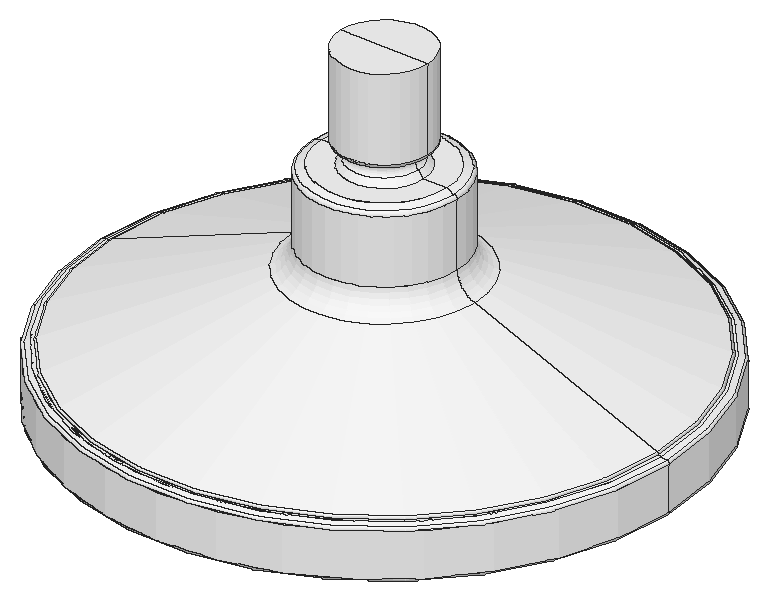
Revit family "S-5000_SPEAKMAN-NEO_SHOWER HEAD", category Generic Models, Revit 2023
Family settings
  Can host rebar = No
  Round Connector Dimension = Use Diameter
  Part Type = Normal
  Work Plane-Based = No
  Always vertical = Yes
  Cut with Voids When Loaded = No
  Maintain Annotation Orientation = No
  Shared = No
  Room Calculation Point = No
Parameters
  S-5000 = MATERIAL_S-5000
  Default Elevation = 0' - 0"
Reference planes (in)
  plane 1 "Center (Front/Back)": y = 0
  plane 2: z = 0
  plane 3 "Center (Left/Right)": x = 0
  plane 4: z = -3.4375
  plane 5: z = -1.125
  plane 6: x = 3.0625
  plane 7: x = -3.0625
  plane 8: x = -2.1875
  plane 9: x = 2.1875
  plane 10: x = -0.46875
  plane 11: x = 0.46875
  plane 12: z = -2.875
  plane 13: z = -1.875
  plane 14: x = -0.78125
  plane 15: x = 0.78125
  plane 16: z = -0.875
  plane 17: y = -0.78125
  plane 18: y = -0.46875
  plane 19: y = -3.0625
  plane 20: y = 0.78125
  plane 21: y = 0.46875
  plane 22: y = 3.0625
  plane 23: y = 2.1875
  plane 24: y = -2.1875
  plane 25: z = -3.662
Forms (in)
  Revolve 1, solid, material "MATERIAL_S-5000" <- "S-5000"
    sketch origin (0, 0, 0) x (1, 0, 0) y (0, 0, 1)
      loop
        arc (-3.0625, -3.41111) -> (-3.05477, -3.42977) -> (-3.03611, -3.4375) r 0.02639
        line (-3.03611, -3.4375) -> (-2.9375, -3.4375)
        arc (-2.9375, -3.4375) -> (-2.56767, -3.34396) -> (-2.1875, -3.3125) r 2.3125
        line (-2.1875, -3.3125) -> (-2.1875, -3.28154) -> (-2.15355, -3.28154) -> (-2.15355, -3.3125) -> (-0.75, -3.3125) -> (-0.75, -3.1875) -> (-0.5, -3.1875) -> (-0.5, -3.3125) -> (0, -3.3125) -> (0, 0) -> (-0.46875, 0) -> (-0.46875, -0.875)
        arc (-0.46875, -0.875) -> (-0.4626, -0.89136) -> (-0.45119, -0.9046) r 0.04999
        line (-0.45119, -0.9046) -> (-0.38783, -0.92875)
        arc (-0.38783, -0.92875) -> (-0.33886, -0.98662) -> (-0.36172, -1.0589) r 0.07844
        arc (-0.36172, -1.0589) -> (-0.39202, -1.09058) -> (-0.41918, -1.125) r 0.46165
        line (-0.41918, -1.125) -> (-0.66918, -1.125) -> (-0.75131, -1.15653)
        arc (-0.75131, -1.15653) -> (-0.77265, -1.17308) -> (-0.78125, -1.19868) r 0.04669
        line (-0.78125, -1.19868) -> (-0.78125, -1.875)
        arc (-0.78125, -1.875) -> (-0.8389, -2.02707) -> (-0.96875, -2.125) r 0.29309
        line (-0.96875, -2.125) -> (-2.93142, -2.875)
        arc (-2.93142, -2.875) -> (-2.94448, -2.88323) -> (-2.94821, -2.89822) r 0.02069
        line (-2.94821, -2.89822) -> (-2.98448, -2.89822) -> (-3.03646, -2.91858)
        arc (-3.03646, -2.91858) -> (-3.05505, -2.92827) -> (-3.0625, -2.94787) r 0.02949
        line (-3.0625, -2.94787) -> (-3.0625, -3.41111)
      axis (0, 0) -> (0, -3.4375)
    angle from 0 to 360
  Extrusion 2, solid, material "Default"
    sketch origin (0, 0, 0) x (1, 0, 0) y (0, 1, 0)
      loop
        arc (-0.81781, 0.55881) -> (-0.75454, 0.53471) -> (-0.71039, 0.58605) r 0.0589
        arc (-0.71039, 0.58605) -> (-0.7188, 0.90271) -> (-0.51022, 1.14113) r 0.43505
        arc (-0.51022, 1.14113) -> (-0.47872, 1.22825) -> (-0.56296, 1.26678) r 0.06837
        arc (-0.56296, 1.26678) -> (-0.84591, 0.96878) -> (-0.81781, 0.55881) r 0.51082
      loop
        arc (-0.4883, 0.88009) -> (-0.417, 0.80879) -> (-0.3457, 0.88009) r 0.0713
        arc (-0.3457, 0.88009) -> (-0.24577, 1.13832) -> (0.0075, 1.25025) r 0.36178
        arc (0.0075, 1.25025) -> (0.07607, 1.31386) -> (0.02127, 1.38966) r 0.07056
        arc (0.02127, 1.38966) -> (-0.33905, 1.24041) -> (-0.4883, 0.88009) r 0.50957
      loop
        arc (-0.06651, 1.02574) -> (-0.0303, 0.92475) -> (0.07066, 0.96105) r 0.07583
        arc (0.07066, 0.96105) -> (0.28156, 1.14677) -> (0.561, 1.11704) r 0.34929
        arc (0.561, 1.11704) -> (0.65748, 1.14278) -> (0.63265, 1.23949) r 0.07094
        arc (0.63265, 1.23949) -> (0.23623, 1.28581) -> (-0.06651, 1.02574) r 0.49717
      loop
        arc (0.37812, 0.95663) -> (0.36276, 0.85089) -> (0.4685, 0.83554) r 0.07555
        arc (0.4685, 0.83554) -> (0.73387, 0.9078) -> (0.97716, 0.77953) r 0.37494
        arc (0.97716, 0.77953) -> (1.08619, 0.77242) -> (1.09331, 0.88145) r 0.07726
        arc (1.09331, 0.88145) -> (0.75042, 1.05893) -> (0.37812, 0.95663) r 0.52989
      loop
        arc (0.76507, 0.69714) -> (0.70161, 0.6135) -> (0.78526, 0.55004) r 0.07424
        arc (0.78526, 0.55004) -> (1.06031, 0.50833) -> (1.21837, 0.2794) r 0.35058
        arc (1.21837, 0.2794) -> (1.30537, 0.21568) -> (1.36137, 0.30784) r 0.07317
        arc (1.36137, 0.30784) -> (1.13591, 0.61383) -> (0.76507, 0.69714) r 0.54323
      loop
        arc (0.95139, 0.16238) -> (1.18565, -0.0212) -> (1.2275, -0.31586) r 0.3987
        arc (1.2275, -0.31586) -> (1.29728, -0.38564) -> (1.36706, -0.31586) r 0.06978
        arc (1.36706, -0.31586) -> (1.29845, 0.06664) -> (0.99345, 0.30745) r 0.54794
        arc (0.99345, 0.30745) -> (0.89989, 0.25594) -> (0.95139, 0.16238) r 0.07552
      loop
        arc (1.01869, -0.16124) -> (0.92529, -0.16043) -> (0.90668, -0.25196) r 0.07342
        arc (0.90668, -0.25196) -> (1.06093, -0.51073) -> (0.96385, -0.79592) r 0.35913
        arc (0.96385, -0.79592) -> (0.9855, -0.89015) -> (1.08133, -0.87729) r 0.07176
        arc (1.08133, -0.87729) -> (1.19834, -0.50629) -> (1.01869, -0.16124) r 0.5082
      loop
        arc (0.85539, -0.60544) -> (0.76815, -0.56868) -> (0.73139, -0.65592) r 0.06694
        arc (0.73139, -0.65592) -> (0.7286, -0.91429) -> (0.55112, -1.10208) r 0.35435
        arc (0.55112, -1.10208) -> (0.51669, -1.19954) -> (0.61452, -1.23292) r 0.0727
        arc (0.61452, -1.23292) -> (0.85901, -0.9668) -> (0.85539, -0.60544) r 0.49139
      loop
        arc (0, -1.23294) -> (-0.08034, -1.31328) -> (0, -1.39362) r 0.08034
        arc (0, -1.39362) -> (0.36473, -1.24254) -> (0.5158, -0.87781) r 0.5158
        arc (0.5158, -0.87781) -> (0.4505, -0.80497) -> (0.37098, -0.86196) r 0.07328
        arc (0.37098, -0.86196) -> (0.26232, -1.12428) -> (0, -1.23294) r 0.37098
      loop
        arc (-0.54976, -1.10508) -> (-0.61962, -1.16898) -> (-0.57294, -1.25135) r 0.07597
        arc (-0.57294, -1.25135) -> (-0.20653, -1.26068) -> (0.07646, -1.02774) r 0.52434
        arc (0.07646, -1.02774) -> (0.06009, -0.93619) -> (-0.03292, -0.93715) r 0.07201
        arc (-0.03292, -0.93715) -> (-0.25602, -1.12981) -> (-0.54976, -1.10508) r 0.38015
      loop
        arc (-0.97628, -0.75136) -> (-1.08298, -0.73869) -> (-1.08751, -0.84604) r 0.07324
        arc (-1.08751, -0.84604) -> (-0.73955, -1.04195) -> (-0.35454, -0.93604) r 0.52437
        arc (-0.35454, -0.93604) -> (-0.35657, -0.84401) -> (-0.44818, -0.83501) r 0.06938
        arc (-0.44818, -0.83501) -> (-0.72953, -0.90242) -> (-0.97628, -0.75136) r 0.37842
      loop
        arc (-1.2025, -0.26215) -> (-1.29113, -0.21294) -> (-1.34243, -0.30037) r 0.07255
        arc (-1.34243, -0.30037) -> (-1.11438, -0.61474) -> (-0.73186, -0.6819) r 0.51742
        arc (-0.73186, -0.6819) -> (-0.69199, -0.60824) -> (-0.76061, -0.56021) r 0.06293
        arc (-0.76061, -0.56021) -> (-1.03686, -0.49318) -> (-1.2025, -0.26215) r 0.40851
      loop
        arc (-1.20784, 0.32052) -> (-1.28577, 0.39845) -> (-1.3637, 0.32052) r 0.07793
        arc (-1.3637, 0.32052) -> (-1.28943, -0.05468) -> (-0.99302, -0.2964) r 0.5645
        arc (-0.99302, -0.2964) -> (-0.89349, -0.25136) -> (-0.93414, -0.14995) r 0.079
        arc (-0.93414, -0.14995) -> (-1.15178, 0.03828) -> (-1.20784, 0.32052) r 0.44293
      loop
        arc (-0.90402, 0.26953) -> (-1.02767, 0.53321) -> (-0.94896, 0.81362) r 0.41773
        arc (-0.94896, 0.81362) -> (-0.96544, 0.9066) -> (-1.059, 0.89381) r 0.06813
        arc (-1.059, 0.89381) -> (-1.17476, 0.50724) -> (-0.99364, 0.14666) r 0.54637
        arc (-0.99364, 0.14666) -> (-0.90124, 0.17339) -> (-0.90402, 0.26953) r 0.07853
      loop
        circle (-0.71726, 1.61911) r 0.09055
      loop
        circle (-0.87393, 1.47684) r 0.08817
      loop
        circle (-0.98236, 1.298) r 0.08817
      loop
        circle (-1.0233, 1.09486) r 0.0833
      loop
        circle (-0.39873, 1.45038) r 0.07861
      loop
        circle (-0.26525, 1.61299) r 0.08512
      loop
        circle (-0.08565, 1.71997) r 0.0865
      loop
        circle (0.11414, 1.77189) r 0.09338
      loop
        circle (0.31763, 1.47195) r 0.0844
      loop
        circle (0.51195, 1.55356) r 0.08139
      loop
        circle (0.72014, 1.56889) r 0.08711
      loop
        circle (0.92554, 1.52099) r 0.09415
      loop
        circle (0.96469, 1.15952) r 0.08854
      loop
        circle (1.1732, 1.13777) r 0.08935
      loop
        circle (1.36578, 1.05639) r 0.09441
      loop
        circle (1.52213, 0.9193) r 0.08935
      loop
        circle (1.39238, 0.58351) r 0.0863
      loop
        circle (1.5676, 0.46528) r 0.08527
      loop
        circle (1.69956, 0.30434) r 0.0921
      loop
        circle (1.77373, 0.10965) r 0.09139
      loop
        circle (1.49955, -0.12619) r 0.08753
      loop
        circle (1.60498, -0.31537) r 0.0867
      loop
        circle (1.64378, -0.51841) r 0.08775
      loop
        circle (1.62096, -0.72679) r 0.09695
      loop
        circle (1.26856, -0.80722) r 0.08209
      loop
        circle (1.27197, -1.01412) r 0.0869
      loop
        circle (1.21337, -1.21943) r 0.09293
      loop
        circle (1.0965, -1.38986) r 0.09139
      loop
        circle (0.32429, -1.73759) r 0.10194
      loop
        circle (0.5116, -1.63361) r 0.09381
      loop
        circle (0.65311, -1.48558) r 0.09106
      loop
        circle (0.74304, -1.29884) r 0.085
      loop
        circle (-0.52352, -1.68475) r 0.09461
      loop
        circle (-0.30962, -1.68317) r 0.08808
      loop
        circle (-0.64722, -1.34824) r 0.08518
      loop
        circle (-0.85316, -1.37551) r 0.09064
      loop
        circle (-1.06061, -1.33546) r 0.09474
      loop
        circle (-1.25016, -1.24374) r 0.095
      loop
        circle (-1.19575, -0.88635) r 0.08033
      loop
        circle (-1.39593, -0.81685) r 0.08908
      loop
        circle (-1.55961, -0.68998) r 0.08659
      loop
        circle (-1.68551, -0.52351) r 0.09008
      loop
        circle (-1.48127, -0.22585) r 0.07928
      loop
        circle (-1.61764, -0.06729) r 0.08774
      loop
        circle (-1.71139, 0.11916) r 0.09119
      loop
        circle (-1.73359, 0.33164) r 0.08749
      loop
        circle (-1.4122, 0.49414) r 0.08885
      loop
        circle (-1.4676, 0.69373) r 0.08858
      loop
        circle (-1.45594, 0.90222) r 0.09033
      loop
        circle (-1.38522, 1.09831) r 0.10082
    from -3.33679 to -3.3125
  Extrusion 3, solid, material "Default"
    sketch origin (0, 0, 0) x (1, 0, 0) y (0, 1, 0)
      loop
        circle (-1.38522, 1.09831) r 0.03486
      loop
        circle (-1.45594, 0.90222) r 0.03516
      loop
        circle (-1.4676, 0.69373) r 0.03516
      loop
        circle (-1.4122, 0.49414) r 0.03516
      loop
        circle (-1.0233, 1.09486) r 0.03516
      loop
        circle (-0.98236, 1.298) r 0.03516
      loop
        arc (-0.90908, 1.47684) -> (-0.87495, 1.4417) -> (-0.83883, 1.47479) r 0.03516
        arc (-0.83883, 1.47479) -> (-0.87086, 1.51186) -> (-0.90885, 1.48092) r 0.03516
      loop
        circle (-0.71726, 1.61911) r 0.03516
      loop
        arc (-0.43346, 1.44491) -> (-0.39462, 1.41546) -> (-0.36368, 1.45312) r 0.03516
        arc (-0.36368, 1.45312) -> (-0.4001, 1.48551) -> (-0.43389, 1.45038) r 0.03516
      loop
        circle (-0.26525, 1.61299) r 0.03516
      loop
        circle (-0.08565, 1.71997) r 0.03516
      loop
        arc (0.14903, 1.77624) -> (0.11087, 1.80689) -> (0.07905, 1.76971) r 0.03516
        arc (0.07905, 1.76971) -> (0.11523, 1.73675) -> (0.1493, 1.77189) r 0.03516
      loop
        circle (0.31763, 1.47195) r 0.03516
      loop
        circle (0.51195, 1.55356) r 0.03516
      loop
        circle (0.72014, 1.56889) r 0.03516
      loop
        circle (0.92554, 1.52099) r 0.03516
      loop
        circle (0.96469, 1.15952) r 0.03516
      loop
        circle (1.1732, 1.13777) r 0.03516
      loop
        circle (1.36578, 1.05639) r 0.03516
      loop
        circle (1.52213, 0.9193) r 0.03516
      loop
        circle (1.39238, 0.58351) r 0.03516
      loop
        circle (1.5676, 0.46528) r 0.03516
      loop
        circle (1.69956, 0.30434) r 0.03516
      loop
        circle (1.77373, 0.10965) r 0.03516
      loop
        circle (1.49955, -0.12619) r 0.03516
      loop
        circle (1.60498, -0.31537) r 0.03516
      loop
        circle (1.64378, -0.51841) r 0.03516
      loop
        circle (1.62096, -0.72679) r 0.03516
      loop
        circle (1.26856, -0.80722) r 0.03516
      loop
        circle (1.27197, -1.01412) r 0.03516
      loop
        circle (1.21337, -1.21943) r 0.03516
      loop
        circle (1.0965, -1.38986) r 0.03516
      loop
        circle (0.74304, -1.29884) r 0.03516
      loop
        circle (0.65311, -1.48558) r 0.03516
      loop
        circle (0.5116, -1.63361) r 0.03516
      loop
        circle (0.32429, -1.73759) r 0.03516
      loop
        circle (-0.30962, -1.68317) r 0.03516
      loop
        circle (-0.52352, -1.68475) r 0.03516
      loop
        circle (-1.25016, -1.24374) r 0.03516
      loop
        circle (-1.06061, -1.33546) r 0.03516
      loop
        circle (-0.85316, -1.37551) r 0.03516
      loop
        circle (-0.64722, -1.34824) r 0.03516
      loop
        circle (-1.19575, -0.88635) r 0.03516
      loop
        circle (-1.39593, -0.81685) r 0.03516
      loop
        circle (-1.55961, -0.68998) r 0.03516
      loop
        circle (-1.68551, -0.52351) r 0.03516
      loop
        circle (-1.48127, -0.22585) r 0.03516
      loop
        circle (-1.61764, -0.06729) r 0.03516
      loop
        circle (-1.71139, 0.11916) r 0.03516
      loop
        circle (-1.73359, 0.33164) r 0.03516
      loop
        circle (0.97546, -0.2185) r 0.03399
      loop
        circle (1.02897, -0.83017) r 0.03399
      loop
        circle (1.13876, -0.52855) r 0.03399
      loop
        circle (0.97546, 0.23662) r 0.03399
      loop
        circle (1.30211, -0.30702) r 0.03399
      loop
        circle (1.24451, 0.01967) r 0.03399
      loop
        circle (1.30104, 0.28563) r 0.03399
      loop
        circle (0.77823, 0.62514) r 0.03399
      loop
        circle (1.10365, 0.55597) r 0.03399
      loop
        circle (0.74615, 0.98202) r 0.03399
      loop
        circle (1.03839, 0.83311) r 0.03399
      loop
        circle (0.42111, 0.89799) r 0.03399
      loop
        circle (0.5908, 1.1804) r 0.03399
      loop
        circle (0.25985, 1.21518) r 0.03399
      loop
        circle (-0.00026, 0.98907) r 0.03399
      loop
        circle (-0.00026, 1.31535) r 0.03399
      loop
        circle (-0.42126, 0.89435) r 0.03399
      loop
        circle (-0.29753, 1.18582) r 0.03399
      loop
        circle (-0.54692, 1.20326) r 0.03399
      loop
        circle (-0.77564, 0.60744) r 0.03399
      loop
        circle (-0.77564, 0.94749) r 0.03399
      loop
        circle (-1.02179, 0.83271) r 0.03399
      loop
        circle (-0.96869, 0.22584) r 0.03399
      loop
        circle (-1.09956, 0.54976) r 0.03399
      loop
        circle (-0.9632, -0.22361) r 0.03399
      loop
        circle (-1.28975, 0.31987) r 0.03399
      loop
        circle (-1.23426, 0.00513) r 0.03399
      loop
        circle (-0.76134, -0.62245) r 0.03399
      loop
        circle (-1.27296, -0.2902) r 0.03399
      loop
        circle (-1.09305, -0.53783) r 0.03399
      loop
        circle (-0.4058, -0.888) r 0.03399
      loop
        circle (-1.03793, -0.79916) r 0.03399
      loop
        circle (-0.7461, -0.9745) r 0.03399
      loop
        circle (0.01694, -0.98782) r 0.03399
      loop
        circle (-0.53387, -1.1883) r 0.03399
      loop
        circle (-0.23521, -1.1883) r 0.03399
      loop
        circle (0.44995, -0.88325) r 0.03399
      loop
        circle (0.01426, -1.31894) r 0.03399
      loop
        circle (0.3096, -1.18122) r 0.03399
      loop
        circle (0.79338, -0.62919) r 0.03399
      loop
        circle (0.78947, -0.93498) r 0.03399
      loop
        circle (0.5859, -1.16916) r 0.03399
    from -3.34615 to -3.3125
  Extrusion 4, solid, material "Default"
    sketch origin (0, 0.04688, 0) x (1, 0, 0) y (0, 1, 0)
      loop
        circle (-0.08554, 0.15836) r 0.0822
      loop
        circle (-0.26709, 0.0813) r 0.0822
      loop
        circle (-0.36486, -0.08804) r 0.0822
      loop
        circle (-0.11818, -0.22478) r 0.0822
      loop
        circle (0.03803, -0.35128) r 0.0822
      loop
        circle (0.23916, -0.34425) r 0.0822
      loop
        circle (0.22929, -0.06157) r 0.0822
      loop
        circle (0.25696, 0.1353) r 0.0822
      loop
        circle (0.15872, 0.30546) r 0.0822
    from -3.33679 to -3.3125
  Extrusion 5, solid, material "Default"
    sketch origin (0, 0, 0) x (1, 0, 0) y (0, 1, 0)
      loop
        circle (-0.36486, -0.04117) r 0.03162
      loop
        circle (-0.26709, 0.12817) r 0.03125
      loop
        circle (-0.08554, 0.20523) r 0.03125
      loop
        circle (0.15872, 0.35233) r 0.03125
      loop
        circle (0.25696, 0.18217) r 0.03125
      loop
        circle (0.22929, -0.01469) r 0.03125
      loop
        circle (0.23916, -0.29738) r 0.03125
      loop
        circle (0.03803, -0.3044) r 0.03125
      loop
        circle (-0.11818, -0.17791) r 0.03125
    from -3.34615 to -3.3125
  Extrusion 6, solid, material "MATERIAL_S-5000" <- "S-5000"
    sketch origin (0, 0, 0) x (0, -1, 0) y (0, 0, 1)
      loop
        line (2.03073, -3.5689) -> (2.05312, -3.3125) -> (1.53762, -3.3125) -> (1.60629, -3.50098)
        arc (1.60629, -3.50098) -> (1.66425, -3.57647) -> (1.75502, -3.60508) r 0.15829
        line (1.75502, -3.60508) -> (1.99126, -3.60508)
        arc (1.99126, -3.60508) -> (2.01803, -3.59467) -> (2.03073, -3.5689) r 0.03962
    from -0.05697 to 0.05697
  Sweep 7, solid, material "MATERIAL_S-5000" <- "S-5000"
    path in 3D
      loop
        line (-0.05697, -1.52404, -3.27525) -> (-0.05697, -1.60629, -3.50098)
        arc (-0.05697, -1.60629, -3.50098) -> (-0.05697, -1.66425, -3.57647) -> (-0.05697, -1.75502, -3.60508) r 0.15829
        line (-0.05697, -1.75502, -3.60508) -> (-0.05697, -1.99126, -3.60508)
        arc (-0.05697, -1.99126, -3.60508) -> (-0.05697, -2.01803, -3.59467) -> (-0.05697, -2.03073, -3.5689) r 0.03962
        line (-0.05697, -2.03073, -3.5689) -> (-0.05697, -2.05312, -3.3125)
    profile origin (-0.05697, -1.75502, -3.60508) x (0, 0, -1) y (-1, 0, 0)
      loop
        line (0, 0) -> (0, -0.11394)
        arc (0, -0.11394) -> (0.05697, -0.05697) -> (0, 0) r 0.05697
  Extrusion 8, void
    sketch origin (0, 0, 0) x (-1, 0, 0) y (0, 0, -1)
      loop
        line (0.56235, 0.34178) -> (0.56235, 0.9046) -> (0.41586, 0.9046) -> (0.41586, 0.34178) -> (0.56235, 0.34178)
    from -0.78125 to 0.6682
Cuts and joins
  Extrusion 8 cuts Revolve 1
Lines and regions (in)
  sketch lines
    curve 1: line (-0.05697, -2.03073, -3.5689) -> (-0.05697, -2.05312, -3.3125)
    curve 2: arc (-0.05697, -2.03073, -3.5689) -> (-0.05697, -2.01803, -3.59467) -> (-0.05697, -1.99126, -3.60508) r 0.03962
    curve 3: line (-0.05697, -1.75502, -3.60508) -> (-0.05697, -1.99126, -3.60508)
    curve 4: arc (-0.05697, -1.75502, -3.60508) -> (-0.05697, -1.66425, -3.57647) -> (-0.05697, -1.60629, -3.50098) r 0.15829
    curve 5: line (-0.05697, -1.52404, -3.27525) -> (-0.05697, -1.60629, -3.50098)
Dimensions and locks (in)
  level to plane 4 = 0' - 3 7/16"  (x4)
  plane 5 to plane 4 = 0' - 2 5/16"  (x4)
  plane 8 to plane 9 = 0' - 4 3/8"
  plane 7 to plane 6 = 0' - 6 1/8"
  plane 6 to plane 7 = 0' - 6 1/8"  (x2)
  plane 11 to plane 10 = 0' - 0 15/16"  (x2)
  plane 14 to plane 15 = 0' - 1 9/16"  (x2)
  level to plane 16 = 0' - 0 7/8"  (x4)
  plane 17 to plane 20 = 0' - 1 9/16"  (x2)
  plane 18 to plane 21 = 0' - 0 15/16"  (x2)
  plane 19 to plane 22 = 0' - 6 1/8"  (x2)
  plane 21 to plane 18 = 0' - 0 15/16"
  plane 20 to plane 17 = 0' - 1 9/16"
  plane 24 to plane 23 = 0' - 4 3/8"
  plane 22 to plane 19 = 0' - 6 1/8"
  level to plane 25 = 0' - 3.662"  (x3)
  plane 25 to level = 0' - 3.662"
  aligned and locked: plane 2 to level
